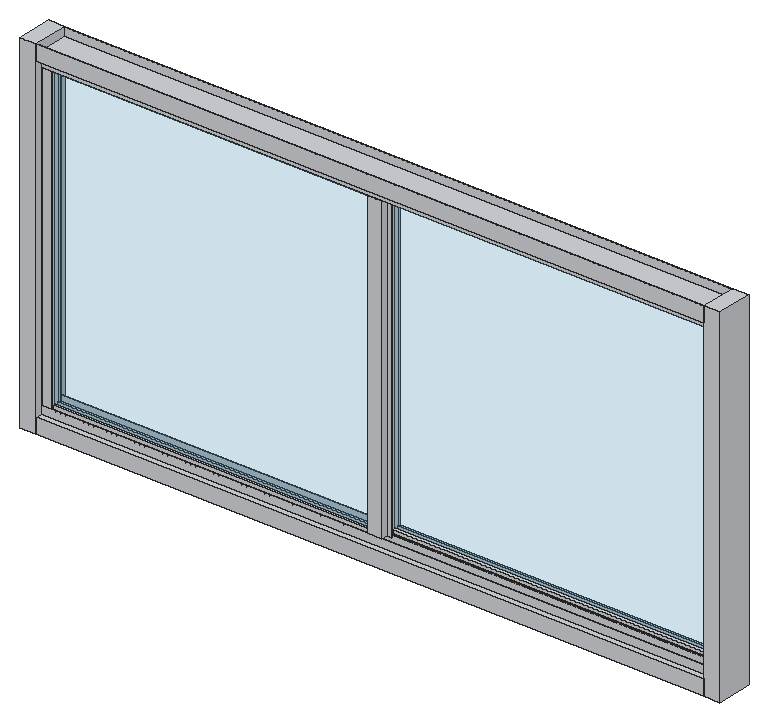
Revit family "MT-VMS_DB-SG_XX", category Windows, host Wall, Revit 2017 (continued)
Definition of nested family "VMS_DB-SG_OX_76mm"
  Definition of nested family "VMS_DB-SG_GLAZED PANEL"
    Definition of nested family "VMS_V3_SGL_FINE"
      Lines and regions (mm)
        model lines, in view "Ref. Level"
          curve 13: arc (13.914, -2.069, 0) -> (14.079, -1.801, 0) -> (14.392, -1.827, 0) r 0.3
          curve 14: arc (14.392, -1.827, 0) -> (20.069, -3.194, 0) -> (25.644, -1.459, 0) r 10.984
          curve 15: arc (25.644, -1.459, 0) -> (26.154, -1.441, 0) -> (26.414, -1.879, 0) r 0.5
          curve 16: arc (26.414, -5.1, 0) -> (26.326, -5.312, 0) -> (26.114, -5.4, 0) r 0.3
          curve 17: arc (22.119, -6.078, 0) -> (21.971, -6.187, 0) -> (21.914, -6.362, 0) r 0.3
          curve 18: arc (21.914, -7, 0) -> (21.997, -7.162, 0) -> (22.177, -7.19, 0) r 0.2
          curve 19: arc (23.414, -7, 0) -> (23.497, -7.162, 0) -> (23.677, -7.19, 0) r 0.2
          curve 20: arc (24.914, -7, 0) -> (24.997, -7.162, 0) -> (25.177, -7.19, 0) r 0.2
          curve 21: arc (26.414, -7, 0) -> (26.497, -7.162, 0) -> (26.677, -7.19, 0) r 0.2
          curve 22: arc (27.641, -6.869, 0) -> (27.839, -6.723, 0) -> (27.914, -6.489, 0) r 0.4
          curve 23: arc (27.914, -0.8, 0) -> (27.68, -0.234, 0) -> (27.114, 0, 0) r 0.8
          curve 24: arc (25.737, 0, 0) -> (25.642, -0.015, 0) -> (25.558, -0.06, 0) r 0.3
          curve 25: arc (25.558, -0.06, 0) -> (19.709, -2, 0) -> (13.86, -0.06, 0) r 9.784
          curve 26: arc (13.86, -0.06, 0) -> (13.776, -0.015, 0) -> (13.681, 0, 0) r 0.3
          curve 27: arc (0.5, 0, 0) -> (0.146, -0.146, 0) -> (0, -0.5, 0) r 0.5
          curve 28: arc (0, -3, 0) -> (0.088, -3.212, 0) -> (0.3, -3.3, 0) r 0.3
          curve 29: arc (0.9, -3.3, 0) -> (1.112, -3.212, 0) -> (1.2, -3, 0) r 0.3
          curve 30: arc (1.2, -1.5, 0) -> (1.288, -1.288, 0) -> (1.5, -1.2, 0) r 0.3
          curve 31: arc (4.7, -1.2, 0) -> (4.912, -1.288, 0) -> (5, -1.5, 0) r 0.3
          curve 32: arc (5, -10.176, 0) -> (4.912, -10.388, 0) -> (4.7, -10.476, 0) r 0.3
          curve 33: arc (3.6, -10.476, 0) -> (3.388, -10.388, 0) -> (3.3, -10.176, 0) r 0.3
          curve 34: arc (3.3, -9.692, 0) -> (3.212, -9.48, 0) -> (3, -9.392, 0) r 0.3
          curve 35: arc (1.5, -9.392, 0) -> (1.288, -9.304, 0) -> (1.2, -9.092, 0) r 0.3
          curve 36: arc (1.2, -7.692, 0) -> (1.112, -7.48, 0) -> (0.9, -7.392, 0) r 0.3
          curve 37: arc (0.3, -7.392, 0) -> (0.088, -7.48, 0) -> (0, -7.692, 0) r 0.3
          curve 38: arc (0, -11.552, 0) -> (0.4, -11.952, 0) -> (0.8, -11.552, 0) r 0.4
          curve 39: arc (2.1, -11.652, 0) -> (2.188, -11.864, 0) -> (2.4, -11.952, 0) r 0.3
          curve 40: arc (2.4, -14.952, 0) -> (2.188, -15.04, 0) -> (2.1, -15.252, 0) r 0.3
          curve 41: arc (0.8, -15.352, 0) -> (0.4, -14.952, 0) -> (0, -15.352, 0) r 0.4
          curve 42: arc (0, -19.208, 0) -> (0.088, -19.42, 0) -> (0.3, -19.508, 0) r 0.3
          curve 43: arc (0.9, -19.508, 0) -> (1.112, -19.42, 0) -> (1.2, -19.208, 0) r 0.3
          curve 44: arc (1.2, -17.808, 0) -> (1.288, -17.596, 0) -> (1.5, -17.508, 0) r 0.3
          curve 45: arc (3, -17.508, 0) -> (3.212, -17.42, 0) -> (3.3, -17.208, 0) r 0.3
          curve 46: arc (3.3, -16.724, 0) -> (3.388, -16.512, 0) -> (3.6, -16.424, 0) r 0.3
          curve 47: arc (4.7, -16.424, 0) -> (4.912, -16.512, 0) -> (5, -16.724, 0) r 0.3
          curve 48: arc (5, -23.3, 0) -> (4.912, -23.512, 0) -> (4.7, -23.6, 0) r 0.3
          curve 49: arc (0.3, -23.6, 0) -> (0.088, -23.688, 0) -> (0, -23.9, 0) r 0.3
          curve 50: arc (0, -26.4, 0) -> (0.146, -26.754, 0) -> (0.5, -26.9, 0) r 0.5
          curve 51: arc (2.102, -26.9, 0) -> (2.385, -26.783, 0) -> (2.502, -26.5, 0) r 0.4
          curve 52: arc (2.502, -26.5, 0) -> (2.385, -26.217, 0) -> (2.102, -26.1, 0) r 0.4
          curve 53: arc (5.902, -26.1, 0) -> (5.619, -26.217, 0) -> (5.502, -26.5, 0) r 0.4
          curve 54: arc (5.502, -26.5, 0) -> (5.619, -26.783, 0) -> (5.902, -26.9, 0) r 0.4
          curve 55: arc (21, -26.9, 0) -> (21.4, -26.52, 0) -> (21.039, -26.102, 0) r 0.4
          curve 56: arc (14.365, -25.441, 0) -> (14.043, -25.279, 0) -> (13.914, -24.944, 0) r 0.5
          curve 57: arc (13.914, -24.65, 0) -> (14.207, -23.943, 0) -> (14.914, -23.65, 0) r 1
          curve 58: arc (8.4, -25.7, 0) -> (8.259, -25.641, 0) -> (8.2, -25.5, 0) r 0.2
          curve 59: arc (8.2, -23.8, 0) -> (8.141, -23.659, 0) -> (8, -23.6, 0) r 0.2
          curve 60: arc (6.5, -23.6, 0) -> (6.288, -23.512, 0) -> (6.2, -23.3, 0) r 0.3
          curve 61: arc (6.2, -16.639, 0) -> (6.261, -16.458, 0) -> (6.419, -16.35, 0) r 0.3
          curve 62: arc (6.419, -16.35, 0) -> (6.899, -16.169, 0) -> (7.342, -15.909, 0) r 3.014
          curve 63: arc (7.342, -15.909, 0) -> (7.404, -15.838, 0) -> (7.426, -15.746, 0) r 0.2
          curve 64: arc (7.426, -14.908, 0) -> (7.145, -14.479, 0) -> (6.64, -14.566, 0) r 0.468
          curve 65: arc (6.64, -14.566, 0) -> (6.369, -14.767, 0) -> (6.06, -14.904, 0) r 1.525
          curve 66: arc (5.14, -14.904, 0) -> (4.813, -14.756, 0) -> (4.529, -14.535, 0) r 1.525
          curve 67: arc (4.124, -13.835, 0) -> (4.075, -13.45, 0) -> (4.124, -13.065, 0) r 1.525
          curve 68: arc (4.529, -12.365, 0) -> (4.813, -12.144, 0) -> (5.14, -11.996, 0) r 1.525
          curve 69: arc (6.06, -11.996, 0) -> (6.369, -12.133, 0) -> (6.64, -12.334, 0) r 1.525
          curve 70: arc (6.64, -12.334, 0) -> (7.145, -12.421, 0) -> (7.426, -11.992, 0) r 0.468
          curve 71: arc (7.426, -11.154, 0) -> (7.404, -11.062, 0) -> (7.342, -10.991, 0) r 0.2
          curve 72: arc (7.342, -10.991, 0) -> (6.899, -10.731, 0) -> (6.419, -10.55, 0) r 3.014
          curve 73: arc (6.419, -10.55, 0) -> (6.261, -10.442, 0) -> (6.2, -10.261, 0) r 0.3
          curve 74: arc (6.2, -1.5, 0) -> (6.288, -1.288, 0) -> (6.5, -1.2, 0) r 0.3
          curve 75: arc (12.312, -1.2, 0) -> (12.453, -1.259, 0) -> (12.512, -1.4, 0) r 0.2
          curve 76: arc (12.512, -25.5, 0) -> (12.453, -25.641, 0) -> (12.312, -25.7, 0) r 0.2
          curve 77: line (14.914, -23.65, 0) -> (23.214, -23.65, 0)
          curve 78: line (23.214, -23.65, 0) -> (25.029, -24.136, 0)
          curve 79: line (25.029, -24.136, 0) -> (27.114, -24.15, 0)
          curve 80: line (27.914, -23.35, 0) -> (27.914, -20.411, 0)
          curve 81: line (27.641, -20.031, 0) -> (26.677, -19.71, 0)
          curve 82: line (26.414, -19.9, 0) -> (26.414, -20.123, 0)
          curve 83: line (26.414, -20.123, 0) -> (25.177, -19.71, 0)
          curve 84: line (24.914, -19.9, 0) -> (24.914, -20.123, 0)
          curve 85: line (24.914, -20.123, 0) -> (23.677, -19.71, 0)
          curve 86: line (23.414, -19.9, 0) -> (23.414, -20.123, 0)
          curve 87: line (23.414, -20.123, 0) -> (22.177, -19.71, 0)
          curve 88: line (21.914, -19.9, 0) -> (21.914, -20.538, 0)
          curve 89: line (22.119, -20.822, 0) -> (23.009, -21.119, 0)
          curve 90: line (23.214, -21.404, 0) -> (23.214, -22.15, 0)
          curve 91: line (22.914, -22.45, 0) -> (14.214, -22.45, 0)
          curve 92: line (13.914, -22.15, 0) -> (13.914, -14.116, 0)
          curve 93: line (13.797, -13.833, 0) -> (13.414, -13.45, 0)
          curve 94: line (13.414, -13.45, 0) -> (13.797, -13.067, 0)
          curve 95: line (13.914, -12.784, 0) -> (13.914, -2.069, 0)
          curve 96: line (26.414, -1.879, 0) -> (26.414, -5.1, 0)
          curve 97: line (26.114, -5.4, 0) -> (24.2, -5.4, 0)
          curve 98: line (24.2, -5.4, 0) -> (22.119, -6.078, 0)
          curve 99: line (21.914, -6.362, 0) -> (21.914, -7, 0)
          curve 100: line (22.177, -7.19, 0) -> (23.414, -6.777, 0)
          curve 101: line (23.414, -6.777, 0) -> (23.414, -7, 0)
          curve 102: line (23.677, -7.19, 0) -> (24.914, -6.777, 0)
          curve 103: line (24.914, -6.777, 0) -> (24.914, -7, 0)
          curve 104: line (25.177, -7.19, 0) -> (26.414, -6.777, 0)
          curve 105: line (26.414, -6.777, 0) -> (26.414, -7, 0)
          curve 106: line (26.677, -7.19, 0) -> (27.641, -6.869, 0)
          curve 107: line (27.914, -6.489, 0) -> (27.914, -0.8, 0)
          curve 108: line (27.114, 0, 0) -> (25.737, 0, 0)
          curve 109: line (13.681, 0, 0) -> (0.5, 0, 0)
          curve 110: line (0, -0.5, 0) -> (0, -3, 0)
          curve 111: line (0.3, -3.3, 0) -> (0.9, -3.3, 0)
          curve 112: line (1.2, -3, 0) -> (1.2, -1.5, 0)
          curve 113: line (1.5, -1.2, 0) -> (4.7, -1.2, 0)
          curve 114: line (5, -1.5, 0) -> (5, -10.176, 0)
          curve 115: line (4.7, -10.476, 0) -> (3.6, -10.476, 0)
          curve 116: line (3.3, -10.176, 0) -> (3.3, -9.692, 0)
          curve 117: line (3, -9.392, 0) -> (1.5, -9.392, 0)
          curve 118: line (1.2, -9.092, 0) -> (1.2, -7.692, 0)
          curve 119: line (0.9, -7.392, 0) -> (0.3, -7.392, 0)
          curve 120: line (0, -7.692, 0) -> (0, -11.552, 0)
          curve 121: line (0.8, -11.552, 0) -> (0.8, -10.452, 0)
          curve 122: line (0.8, -10.452, 0) -> (2.1, -10.452, 0)
          curve 123: line (2.1, -10.452, 0) -> (2.1, -11.652, 0)
          curve 124: line (2.4, -11.952, 0) -> (2.776, -11.952, 0)
          curve 125: line (2.776, -11.952, 0) -> (2.776, -14.952, 0)
          curve 126: line (2.776, -14.952, 0) -> (2.4, -14.952, 0)
          curve 127: line (2.1, -15.252, 0) -> (2.1, -16.452, 0)
          curve 128: line (2.1, -16.452, 0) -> (0.8, -16.452, 0)
          curve 129: line (0.8, -16.452, 0) -> (0.8, -15.352, 0)
          curve 130: line (0, -15.352, 0) -> (0, -19.208, 0)
          curve 131: line (0.3, -19.508, 0) -> (0.9, -19.508, 0)
          curve 132: line (1.2, -19.208, 0) -> (1.2, -17.808, 0)
          curve 133: line (1.5, -17.508, 0) -> (3, -17.508, 0)
          curve 134: line (3.3, -17.208, 0) -> (3.3, -16.724, 0)
          curve 135: line (3.6, -16.424, 0) -> (4.7, -16.424, 0)
          curve 136: line (5, -16.724, 0) -> (5, -23.3, 0)
          curve 137: line (4.7, -23.6, 0) -> (0.3, -23.6, 0)
          curve 138: line (0, -23.9, 0) -> (0, -26.4, 0)
          curve 139: line (0.5, -26.9, 0) -> (2.102, -26.9, 0)
          curve 140: line (2.102, -26.1, 0) -> (1.002, -26.1, 0)
          curve 141: line (1.002, -26.1, 0) -> (1.002, -24.8, 0)
          curve 142: line (1.002, -24.8, 0) -> (7.002, -24.8, 0)
          curve 143: line (7.002, -24.8, 0) -> (7.002, -26.1, 0)
          curve 144: line (7.002, -26.1, 0) -> (5.902, -26.1, 0)
          curve 145: line (5.902, -26.9, 0) -> (21, -26.9, 0)
          curve 146: line (21.039, -26.102, 0) -> (14.365, -25.441, 0)
          curve 147: line (13.914, -24.944, 0) -> (13.914, -24.65, 0)
          curve 148: line (8.2, -25.5, 0) -> (8.2, -23.8, 0)
          curve 149: line (8, -23.6, 0) -> (6.5, -23.6, 0)
          curve 150: line (6.2, -23.3, 0) -> (6.2, -16.639, 0)
          curve 151: line (7.426, -15.746, 0) -> (7.426, -14.908, 0)
          curve 152: line (6.06, -14.904, 0) -> (5.6, -15.324, 0)
          curve 153: line (5.6, -15.324, 0) -> (5.14, -14.904, 0)
          curve 154: line (4.529, -14.535, 0) -> (3.976, -14.387, 0)
          curve 155: line (3.976, -14.387, 0) -> (4.124, -13.835, 0)
          curve 156: line (4.124, -13.065, 0) -> (3.976, -12.513, 0)
          curve 157: line (3.976, -12.513, 0) -> (4.529, -12.365, 0)
          curve 158: line (5.14, -11.996, 0) -> (5.6, -11.576, 0)
          curve 159: line (5.6, -11.576, 0) -> (6.06, -11.996, 0)
          curve 160: line (7.426, -11.992, 0) -> (7.426, -11.154, 0)
          curve 161: line (6.2, -10.261, 0) -> (6.2, -1.5, 0)
          curve 162: line (6.5, -1.2, 0) -> (12.312, -1.2, 0)
          curve 163: line (12.512, -1.4, 0) -> (12.512, -25.5, 0)
          curve 164: line (12.312, -25.7, 0) -> (8.4, -25.7, 0)
    Definition of nested family "VMS_V3_SGL_MEDIUM"
      Reference planes
        plane 1 "Center (Front/Back)": y = 0
        plane 2: z = 0
        plane 3 "Center (Left/Right)": x = 0
      Lines and regions (mm)
        model lines, in view "Ref. Level"
          curve 1: line (13.914, -23.65, 0) -> (27.914, -23.65, 0)
          curve 2: line (27.914, -23.65, 0) -> (27.914, -22.45, 0)
          curve 3: line (27.914, -22.45, 0) -> (13.914, -22.45, 0)
          curve 4: line (13.914, -22.45, 0) -> (13.914, -1.2, 0)
          curve 5: line (26.414, -1.2, 0) -> (26.414, -5.1, 0)
          curve 6: line (27.914, -6.489, 0) -> (27.914, 0, 0)
          curve 7: line (27.914, 0, 0) -> (0, 0, 0)
          curve 8: line (1.002, -1.2, 0) -> (4.73, -1.2, 0)
          curve 9: line (0, 0, 0) -> (0, -26.9, 0)
          curve 10: line (1.002, -25.7, 0) -> (1.002, -1.2, 0)
          curve 11: line (0, -26.9, 0) -> (21.039, -26.9, 0)
          curve 12: line (21.039, -26.102, 0) -> (13.914, -25.397, 0)
          curve 13: line (13.914, -25.397, 0) -> (13.914, -23.65, 0)
          curve 14: line (13.914, -1.2, 0) -> (26.414, -1.2, 0)
          curve 15: line (12.512, -1.2, 0) -> (12.512, -25.7, 0)
          curve 16: line (12.512, -25.7, 0) -> (6.132, -25.7, 0)
          curve 23: line (6.132, -1.2, 0) -> (12.512, -1.2, 0)
          curve 24: line (4.73, -25.7, 0) -> (1.002, -25.7, 0)
        detail lines, in view "Ref. Level"
          curve 17: line (21.039, -26.102, 0) -> (21.039, -26.9, 0)
          curve 18: line (27.914, -6.489, 0) -> (21.583, -6.489, 0)
          curve 19: line (26.414, -5.1, 0) -> (21.583, -5.1, 0)
          curve 20: line (21.583, -6.489, 0) -> (21.583, -5.1, 0)
          curve 21: line (6.132, -25.7, 0) -> (6.132, -1.2, 0)
          curve 22: line (4.73, -1.2, 0) -> (4.73, -25.7, 0)
    Definition of nested family "VMS_VM64_SILL DETAIL_FINE"
      Reference planes
        plane 1 "Center (Front/Back)": y = 0
        plane 2: z = 0
        plane 3 "Center (Left/Right)": x = 0
      Lines and regions (mm)
        model lines, in view "Ref. Level"
          curve 1: arc (4.124, -13.835, 0) -> (4.075, -13.45, 0) -> (4.124, -13.065, 0) r 1.525
          curve 2: arc (4.529, -12.365, 0) -> (4.813, -12.144, 0) -> (5.14, -11.996, 0) r 1.525
          curve 3: arc (6.06, -11.996, 0) -> (6.369, -12.133, 0) -> (6.64, -12.334, 0) r 1.525
          curve 4: arc (6.64, -12.334, 0) -> (7.145, -12.421, 0) -> (7.426, -11.992, 0) r 0.468
          curve 5: arc (7.426, -11.154, 0) -> (7.404, -11.062, 0) -> (7.342, -10.991, 0) r 0.2
          curve 6: arc (7.342, -10.991, 0) -> (6.899, -10.731, 0) -> (6.419, -10.55, 0) r 3.014
          curve 7: arc (6.419, -10.55, 0) -> (6.261, -10.442, 0) -> (6.2, -10.261, 0) r 0.3
          curve 8: arc (6.2, -1.5, 0) -> (6.288, -1.288, 0) -> (6.5, -1.2, 0) r 0.3
          curve 9: arc (12.312, -1.2, 0) -> (12.453, -1.259, 0) -> (12.512, -1.4, 0) r 0.2
          curve 10: arc (12.512, -25.5, 0) -> (12.453, -25.641, 0) -> (12.312, -25.7, 0) r 0.2
          curve 11: arc (8.4, -25.7, 0) -> (8.259, -25.641, 0) -> (8.2, -25.5, 0) r 0.2
          curve 12: arc (8.2, -23.8, 0) -> (8.141, -23.659, 0) -> (8, -23.6, 0) r 0.2
          curve 13: arc (6.5, -23.6, 0) -> (6.288, -23.512, 0) -> (6.2, -23.3, 0) r 0.3
          curve 14: arc (6.2, -16.639, 0) -> (6.261, -16.458, 0) -> (6.419, -16.35, 0) r 0.3
          curve 15: arc (6.419, -16.35, 0) -> (6.899, -16.169, 0) -> (7.342, -15.909, 0) r 3.014
          curve 16: arc (7.342, -15.909, 0) -> (7.404, -15.838, 0) -> (7.426, -15.746, 0) r 0.2
          curve 17: arc (7.426, -14.908, 0) -> (7.145, -14.479, 0) -> (6.64, -14.566, 0) r 0.468
          curve 18: arc (6.64, -14.566, 0) -> (6.369, -14.767, 0) -> (6.06, -14.904, 0) r 1.525
          curve 19: arc (5.14, -14.904, 0) -> (4.813, -14.756, 0) -> (4.529, -14.535, 0) r 1.525
          curve 20: arc (2.1, -11.652, 0) -> (2.188, -11.864, 0) -> (2.4, -11.952, 0) r 0.3
          curve 21: arc (2.4, -14.952, 0) -> (2.188, -15.04, 0) -> (2.1, -15.252, 0) r 0.3
          curve 22: arc (0.8, -15.352, 0) -> (0.4, -14.952, 0) -> (0, -15.352, 0) r 0.4
          curve 23: arc (0, -19.208, 0) -> (0.088, -19.42, 0) -> (0.3, -19.508, 0) r 0.3
          curve 24: arc (0.9, -19.508, 0) -> (1.112, -19.42, 0) -> (1.2, -19.208, 0) r 0.3
          curve 25: arc (1.2, -17.808, 0) -> (1.288, -17.596, 0) -> (1.5, -17.508, 0) r 0.3
          curve 26: arc (3, -17.508, 0) -> (3.212, -17.42, 0) -> (3.3, -17.208, 0) r 0.3
          curve 27: arc (3.3, -16.724, 0) -> (3.388, -16.512, 0) -> (3.6, -16.424, 0) r 0.3
          curve 28: arc (4.7, -16.424, 0) -> (4.912, -16.512, 0) -> (5, -16.724, 0) r 0.3
          curve 29: arc (5, -23.3, 0) -> (4.912, -23.512, 0) -> (4.7, -23.6, 0) r 0.3
          curve 30: arc (0.3, -23.6, 0) -> (0.088, -23.688, 0) -> (0, -23.9, 0) r 0.3
          curve 31: arc (0, -26.4, 0) -> (0.146, -26.753, 0) -> (0.5, -26.9, 0) r 0.5
          curve 32: arc (2.102, -26.9, 0) -> (2.502, -26.5, 0) -> (2.102, -26.1, 0) r 0.4
          curve 33: arc (5.902, -26.1, 0) -> (5.502, -26.5, 0) -> (5.902, -26.9, 0) r 0.4
          curve 34: arc (19.253, -26.9, 0) -> (19.6, -26.57, 0) -> (19.287, -26.207, 0) r 0.347
          curve 35: arc (16.352, -25.917, 0) -> (16.099, -25.719, 0) -> (16.17, -25.406, 0) r 0.3
          curve 36: arc (16.838, -24.738, 0) -> (16.935, -24.673, 0) -> (17.05, -24.65, 0) r 0.3
          curve 37: arc (27.288, -24.95, 0) -> (27.906, -24.424, 0) -> (27.486, -23.73, 0) r 0.626
          curve 38: arc (26.677, -23.46, 0) -> (26.497, -23.488, 0) -> (26.414, -23.65, 0) r 0.2
          curve 39: arc (25.177, -23.46, 0) -> (24.997, -23.488, 0) -> (24.914, -23.65, 0) r 0.2
          curve 40: arc (23.677, -23.46, 0) -> (23.497, -23.488, 0) -> (23.414, -23.65, 0) r 0.2
          curve 41: arc (16.553, -23.45, 0) -> (16.438, -23.473, 0) -> (16.341, -23.538, 0) r 0.3
          curve 42: arc (14.426, -25.452, 0) -> (14.099, -25.517, 0) -> (13.914, -25.24, 0) r 0.3
          curve 43: arc (13.914, -14.116, 0) -> (13.884, -13.963, 0) -> (13.797, -13.833, 0) r 0.4
          curve 44: arc (13.797, -13.067, 0) -> (13.884, -12.937, 0) -> (13.914, -12.784, 0) r 0.4
          curve 45: arc (13.914, -2.069, 0) -> (14.079, -1.801, 0) -> (14.392, -1.827, 0) r 0.3
          curve 46: arc (14.392, -1.827, 0) -> (18.05, -3.074, 0) -> (21.914, -2.976, 0) r 10.984
          curve 47: arc (21.914, -3.233, 0) -> (22.026, -3.412, 0) -> (22.236, -3.391, 0) r 0.2
          curve 48: arc (23.092, -2.731, 0) -> (23.302, -2.71, 0) -> (23.414, -2.889, 0) r 0.2
          curve 49: arc (23.414, -3.233, 0) -> (23.526, -3.412, 0) -> (23.736, -3.391, 0) r 0.2
          curve 50: arc (24.592, -2.731, 0) -> (24.802, -2.71, 0) -> (24.914, -2.889, 0) r 0.2
          curve 51: arc (24.914, -3.233, 0) -> (25.026, -3.412, 0) -> (25.236, -3.391, 0) r 0.2
          curve 52: arc (26.092, -2.731, 0) -> (26.302, -2.71, 0) -> (26.414, -2.889, 0) r 0.2
          curve 53: arc (26.414, -3.233, 0) -> (26.496, -3.394, 0) -> (26.674, -3.423, 0) r 0.2
          curve 54: arc (27.634, -3.121, 0) -> (27.837, -2.976, 0) -> (27.914, -2.739, 0) r 0.4
          curve 55: arc (27.914, -0.8, 0) -> (27.68, -0.234, 0) -> (27.114, 0, 0) r 0.8
          curve 56: arc (25.737, 0, 0) -> (25.642, -0.015, 0) -> (25.558, -0.06, 0) r 0.3
          curve 57: arc (25.558, -0.06, 0) -> (19.709, -2, 0) -> (13.86, -0.06, 0) r 9.784
          curve 58: arc (13.86, -0.06, 0) -> (13.776, -0.015, 0) -> (13.681, 0, 0) r 0.3
          curve 59: arc (0.5, 0, 0) -> (0.146, -0.146, 0) -> (0, -0.5, 0) r 0.5
          curve 60: arc (0, -3, 0) -> (0.088, -3.212, 0) -> (0.3, -3.3, 0) r 0.3
          curve 61: arc (0.9, -3.3, 0) -> (1.112, -3.212, 0) -> (1.2, -3, 0) r 0.3
          curve 62: arc (1.2, -1.5, 0) -> (1.288, -1.288, 0) -> (1.5, -1.2, 0) r 0.3
          curve 63: arc (4.7, -1.2, 0) -> (4.912, -1.288, 0) -> (5, -1.5, 0) r 0.3
          curve 64: arc (5, -10.176, 0) -> (4.912, -10.388, 0) -> (4.7, -10.476, 0) r 0.3
          curve 65: arc (3.6, -10.476, 0) -> (3.388, -10.388, 0) -> (3.3, -10.176, 0) r 0.3
          curve 66: arc (3.3, -9.692, 0) -> (3.212, -9.48, 0) -> (3, -9.392, 0) r 0.3
          curve 67: arc (1.5, -9.392, 0) -> (1.288, -9.304, 0) -> (1.2, -9.092, 0) r 0.3
          curve 68: arc (1.2, -7.692, 0) -> (1.112, -7.48, 0) -> (0.9, -7.392, 0) r 0.3
          curve 69: arc (0.3, -7.392, 0) -> (0.088, -7.48, 0) -> (0, -7.692, 0) r 0.3
          curve 70: arc (0, -11.552, 0) -> (0.4, -11.952, 0) -> (0.8, -11.552, 0) r 0.4
          curve 71: line (4.529, -14.535, 0) -> (3.976, -14.387, 0)
          curve 72: line (3.976, -14.387, 0) -> (4.124, -13.835, 0)
          curve 73: line (4.124, -13.065, 0) -> (3.976, -12.513, 0)
          curve 74: line (3.976, -12.513, 0) -> (4.529, -12.365, 0)
          curve 75: line (5.14, -11.996, 0) -> (5.6, -11.576, 0)
          curve 76: line (5.6, -11.576, 0) -> (6.06, -11.996, 0)
          curve 77: line (7.426, -11.992, 0) -> (7.426, -11.154, 0)
          curve 78: line (6.2, -10.261, 0) -> (6.2, -1.5, 0)
          curve 79: line (6.5, -1.2, 0) -> (12.312, -1.2, 0)
          curve 80: line (12.512, -1.4, 0) -> (12.512, -25.5, 0)
          curve 81: line (12.312, -25.7, 0) -> (8.4, -25.7, 0)
          curve 82: line (8.2, -25.5, 0) -> (8.2, -23.8, 0)
          curve 83: line (8, -23.6, 0) -> (6.5, -23.6, 0)
          curve 84: line (6.2, -23.3, 0) -> (6.2, -16.639, 0)
          curve 85: line (7.426, -15.746, 0) -> (7.426, -14.908, 0)
          curve 86: line (6.06, -14.904, 0) -> (5.6, -15.324, 0)
          curve 87: line (5.6, -15.324, 0) -> (5.14, -14.904, 0)
          curve 88: line (2.4, -11.952, 0) -> (2.776, -11.952, 0)
          curve 89: line (2.776, -11.952, 0) -> (2.776, -14.952, 0)
          curve 90: line (2.776, -14.952, 0) -> (2.4, -14.952, 0)
          curve 91: line (2.1, -15.252, 0) -> (2.1, -16.452, 0)
          curve 92: line (2.1, -16.452, 0) -> (0.8, -16.452, 0)
          curve 93: line (0.8, -16.452, 0) -> (0.8, -15.352, 0)
          curve 94: line (0, -15.352, 0) -> (0, -19.208, 0)
          curve 95: line (0.3, -19.508, 0) -> (0.9, -19.508, 0)
          curve 96: line (1.2, -19.208, 0) -> (1.2, -17.808, 0)
          curve 97: line (1.5, -17.508, 0) -> (3, -17.508, 0)
          curve 98: line (3.3, -17.208, 0) -> (3.3, -16.724, 0)
          curve 99: line (3.6, -16.424, 0) -> (4.7, -16.424, 0)
          curve 100: line (5, -16.724, 0) -> (5, -23.3, 0)
          curve 101: line (4.7, -23.6, 0) -> (0.3, -23.6, 0)
          curve 102: line (0, -23.9, 0) -> (0, -26.4, 0)
          curve 103: line (0.5, -26.9, 0) -> (2.102, -26.9, 0)
          curve 104: line (2.102, -26.1, 0) -> (1.202, -26.1, 0)
          curve 105: line (1.202, -26.1, 0) -> (1.202, -24.8, 0)
          curve 106: line (1.202, -24.8, 0) -> (6.802, -24.8, 0)
          curve 107: line (6.802, -24.8, 0) -> (6.802, -26.1, 0)
          curve 108: line (6.802, -26.1, 0) -> (5.902, -26.1, 0)
          curve 109: line (5.902, -26.9, 0) -> (19.253, -26.9, 0)
          curve 110: line (19.287, -26.207, 0) -> (16.352, -25.917, 0)
          curve 111: line (16.17, -25.406, 0) -> (16.838, -24.738, 0)
          curve 112: line (17.05, -24.65, 0) -> (22.146, -24.65, 0)
          curve 113: line (22.146, -24.65, 0) -> (23.924, -24.95, 0)
          curve 114: line (23.924, -24.95, 0) -> (27.288, -24.95, 0)
          curve 115: line (27.486, -23.73, 0) -> (26.677, -23.46, 0)
          curve 116: line (26.414, -23.65, 0) -> (26.414, -23.872, 0)
          curve 117: line (26.414, -23.872, 0) -> (25.177, -23.46, 0)
          curve 118: line (24.914, -23.65, 0) -> (24.914, -23.872, 0)
          curve 119: line (24.914, -23.872, 0) -> (23.677, -23.46, 0)
          curve 120: line (23.414, -23.761, 0) -> (22.146, -23.45, 0)
          curve 121: line (22.146, -23.45, 0) -> (16.553, -23.45, 0)
          curve 122: line (16.341, -23.538, 0) -> (14.426, -25.452, 0)
          curve 123: line (13.914, -25.24, 0) -> (13.914, -14.116, 0)
          curve 124: line (13.797, -13.833, 0) -> (13.414, -13.45, 0)
          curve 125: line (13.414, -13.45, 0) -> (13.797, -13.067, 0)
          curve 126: line (13.914, -12.784, 0) -> (13.914, -2.069, 0)
          curve 127: line (21.914, -2.976, 0) -> (21.914, -3.233, 0)
          curve 128: line (22.236, -3.391, 0) -> (23.092, -2.731, 0)
          curve 129: line (23.414, -2.889, 0) -> (23.414, -3.233, 0)
          curve 130: line (23.736, -3.391, 0) -> (24.592, -2.731, 0)
          curve 131: line (24.914, -2.889, 0) -> (24.914, -3.233, 0)
          curve 132: line (25.236, -3.391, 0) -> (26.092, -2.731, 0)
          curve 133: line (26.414, -2.889, 0) -> (26.414, -3.233, 0)
          curve 134: line (26.674, -3.423, 0) -> (27.634, -3.121, 0)
          curve 135: line (27.914, -2.739, 0) -> (27.914, -0.8, 0)
          curve 136: line (27.114, 0, 0) -> (25.737, 0, 0)
          curve 137: line (13.681, 0, 0) -> (0.5, 0, 0)
          curve 138: line (0, -0.5, 0) -> (0, -3, 0)
          curve 139: line (0.3, -3.3, 0) -> (0.9, -3.3, 0)
          curve 140: line (1.2, -3, 0) -> (1.2, -1.5, 0)
          curve 141: line (1.5, -1.2, 0) -> (4.7, -1.2, 0)
          curve 142: line (5, -1.5, 0) -> (5, -10.176, 0)
          curve 143: line (4.7, -10.476, 0) -> (3.6, -10.476, 0)
          curve 144: line (3.3, -10.176, 0) -> (3.3, -9.692, 0)
          curve 145: line (3, -9.392, 0) -> (1.5, -9.392, 0)
          curve 146: line (1.2, -9.092, 0) -> (1.2, -7.692, 0)
          curve 147: line (0.9, -7.392, 0) -> (0.3, -7.392, 0)
          curve 148: line (0, -7.692, 0) -> (0, -11.552, 0)
          curve 149: line (0.8, -11.552, 0) -> (0.8, -10.452, 0)
          curve 150: line (0.8, -10.452, 0) -> (2.1, -10.452, 0)
          curve 151: line (2.1, -10.452, 0) -> (2.1, -11.652, 0)
    Definition of nested family "VMS_VM64_SILL DETAIL_MEDIUM"
      Reference planes
        plane 1 "Center (Front/Back)": y = 0
        plane 2: z = 0
        plane 3 "Center (Left/Right)": x = 0
      Lines and regions (mm)
        model lines, in view "Ref. Level"
          curve 1: line (1.202, -1.2, 0) -> (5, -1.2, 0)
          curve 2: line (12.512, -1.2, 0) -> (12.512, -25.7, 0)
          curve 3: line (12.512, -25.7, 0) -> (6.2, -25.7, 0)
          curve 4: line (6.2, -25.7, 0) -> (6.2, -1.2, 0)
          curve 5: line (5, -1.2, 0) -> (5, -25.7, 0)
          curve 6: line (0, 0, 0) -> (0, -26.9, 0)
          curve 7: line (1.202, -25.7, 0) -> (1.202, -1.2, 0)
          curve 8: line (0, -26.9, 0) -> (19.287, -26.9, 0)
          curve 9: line (19.287, -26.207, 0) -> (15.721, -25.854, 0)
          curve 10: line (15.721, -25.854, 0) -> (16.926, -24.65, 0)
          curve 11: line (16.926, -24.65, 0) -> (27.914, -24.65, 0)
          curve 12: line (27.914, -23.45, 0) -> (16.429, -23.45, 0)
          curve 13: line (16.429, -23.45, 0) -> (13.914, -25.965, 0)
          curve 14: line (13.914, -25.965, 0) -> (13.914, -1.2, 0)
          curve 15: line (27.914, -24.65, 0) -> (27.914, -23.45, 0)
          curve 16: line (27.914, 0, 0) -> (0, 0, 0)
          curve 18: line (6.2, -1.2, 0) -> (12.512, -1.2, 0)
          curve 19: line (5, -25.7, 0) -> (1.202, -25.7, 0)
          curve 20: line (27.914, -1.2, 0) -> (27.914, 0, 0)
          curve 21: line (13.914, -1.2, 0) -> (27.914, -1.2, 0)
        detail lines, in view "Ref. Level"
          curve 17: line (19.287, -26.207, 0) -> (19.287, -26.9, 0)
    Definition of nested family "VMS_VM5_SILL DETAIL_FINE"
      Reference planes
        plane 1 "Center (Front/Back)": y = 0
        plane 2: z = 0
        plane 3 "Center (Left/Right)": x = 0
      Lines and regions (mm)
        model lines, in view "Ref. Level"
          curve 1: arc (26.9, 5.9, 0) -> (26.783, 5.617, 0) -> (26.5, 5.5, 0) r 0.4
          curve 2: arc (26.5, 5.5, 0) -> (26.217, 5.617, 0) -> (26.1, 5.9, 0) r 0.4
          curve 3: arc (26.1, 2.1, 0) -> (26.217, 2.383, 0) -> (26.5, 2.5, 0) r 0.4
          curve 4: arc (26.5, 2.5, 0) -> (26.783, 2.383, 0) -> (26.9, 2.1, 0) r 0.4
          curve 5: arc (26.9, 0.5, 0) -> (26.754, 0.146, 0) -> (26.4, 0, 0) r 0.5
          curve 6: arc (23.9, 0, 0) -> (23.688, 0.088, 0) -> (23.6, 0.3, 0) r 0.3
          curve 7: arc (23.6, 4.7, 0) -> (23.512, 4.912, 0) -> (23.3, 5, 0) r 0.3
          curve 8: arc (16.724, 5, 0) -> (16.512, 4.912, 0) -> (16.424, 4.7, 0) r 0.3
          curve 9: arc (16.424, 3.6, 0) -> (16.512, 3.388, 0) -> (16.724, 3.3, 0) r 0.3
          curve 10: arc (17.208, 3.3, 0) -> (17.42, 3.212, 0) -> (17.508, 3, 0) r 0.3
          curve 11: arc (17.508, 1.5, 0) -> (17.596, 1.288, 0) -> (17.808, 1.2, 0) r 0.3
          curve 12: arc (19.208, 1.2, 0) -> (19.42, 1.112, 0) -> (19.508, 0.9, 0) r 0.3
          curve 13: arc (19.508, 0.3, 0) -> (19.42, 0.088, 0) -> (19.208, 0, 0) r 0.3
          curve 14: arc (15.348, 0, 0) -> (14.948, 0.4, 0) -> (15.348, 0.8, 0) r 0.4
          curve 15: arc (15.248, 2.1, 0) -> (15.036, 2.188, 0) -> (14.948, 2.4, 0) r 0.3
          curve 16: arc (11.948, 2.4, 0) -> (11.86, 2.188, 0) -> (11.648, 2.1, 0) r 0.3
          curve 17: arc (11.548, 0.8, 0) -> (11.948, 0.4, 0) -> (11.548, 0, 0) r 0.4
          curve 18: arc (7.692, 0, 0) -> (7.48, 0.088, 0) -> (7.392, 0.3, 0) r 0.3
          curve 19: arc (7.392, 0.9, 0) -> (7.48, 1.112, 0) -> (7.692, 1.2, 0) r 0.3
          curve 20: arc (9.092, 1.2, 0) -> (9.304, 1.288, 0) -> (9.392, 1.5, 0) r 0.3
          curve 21: arc (9.392, 3, 0) -> (9.48, 3.212, 0) -> (9.692, 3.3, 0) r 0.3
          curve 22: arc (10.176, 3.3, 0) -> (10.388, 3.388, 0) -> (10.476, 3.6, 0) r 0.3
          curve 23: arc (10.476, 4.7, 0) -> (10.388, 4.912, 0) -> (10.176, 5, 0) r 0.3
          curve 24: arc (3.6, 5, 0) -> (3.388, 4.912, 0) -> (3.3, 4.7, 0) r 0.3
          curve 25: arc (3.3, 0.3, 0) -> (3.212, 0.088, 0) -> (3, 0, 0) r 0.3
          curve 26: arc (0.5, 0, 0) -> (0.146, 0.146, 0) -> (0, 0.5, 0) r 0.5
          curve 27: arc (0, 2.1, 0) -> (0.117, 2.383, 0) -> (0.4, 2.5, 0) r 0.4
          curve 28: arc (0.4, 2.5, 0) -> (0.683, 2.383, 0) -> (0.8, 2.1, 0) r 0.4
          curve 29: arc (0.8, 5.9, 0) -> (0.683, 5.617, 0) -> (0.4, 5.5, 0) r 0.4
          curve 30: arc (0.4, 5.5, 0) -> (0.117, 5.617, 0) -> (0, 5.9, 0) r 0.4
          curve 31: arc (0, 13.679, 0) -> (0.015, 13.774, 0) -> (0.06, 13.858, 0) r 0.3
          curve 32: arc (0.06, 13.858, 0) -> (2, 19.707, 0) -> (0.06, 25.556, 0) r 9.784
          curve 33: arc (0.06, 25.556, 0) -> (0.015, 25.64, 0) -> (0, 25.735, 0) r 0.3
          curve 34: arc (0, 27.112, 0) -> (0.234, 27.678, 0) -> (0.8, 27.912, 0) r 0.8
          curve 35: arc (6.489, 27.912, 0) -> (6.723, 27.837, 0) -> (6.869, 27.639, 0) r 0.4
          curve 36: arc (7.19, 26.675, 0) -> (7.162, 26.495, 0) -> (7, 26.412, 0) r 0.2
          curve 37: arc (7.19, 25.175, 0) -> (7.162, 24.995, 0) -> (7, 24.912, 0) r 0.2
          curve 38: arc (7.19, 23.675, 0) -> (7.162, 23.495, 0) -> (7, 23.412, 0) r 0.2
          curve 39: arc (7.19, 22.175, 0) -> (7.162, 21.995, 0) -> (7, 21.912, 0) r 0.2
          curve 40: arc (6.362, 21.912, 0) -> (6.187, 21.969, 0) -> (6.078, 22.117, 0) r 0.3
          curve 41: arc (5.4, 26.112, 0) -> (5.312, 26.324, 0) -> (5.1, 26.412, 0) r 0.3
          curve 42: arc (1.879, 26.412, 0) -> (1.441, 26.152, 0) -> (1.459, 25.642, 0) r 0.5
          curve 43: arc (1.459, 25.642, 0) -> (3.194, 20.067, 0) -> (1.827, 14.39, 0) r 10.984
          curve 44: arc (1.827, 14.39, 0) -> (1.801, 14.077, 0) -> (2.069, 13.912, 0) r 0.3
          curve 45: arc (12.784, 13.912, 0) -> (12.937, 13.882, 0) -> (13.067, 13.795, 0) r 0.4
          curve 46: arc (13.833, 13.795, 0) -> (13.963, 13.882, 0) -> (14.116, 13.912, 0) r 0.4
          curve 47: arc (24.831, 13.912, 0) -> (25.099, 14.077, 0) -> (25.073, 14.39, 0) r 0.3
          curve 48: arc (25.073, 14.39, 0) -> (23.706, 20.067, 0) -> (25.441, 25.642, 0) r 10.984
          curve 49: arc (25.441, 25.642, 0) -> (25.459, 26.152, 0) -> (25.021, 26.412, 0) r 0.5
          curve 50: arc (21.8, 26.412, 0) -> (21.588, 26.324, 0) -> (21.5, 26.112, 0) r 0.3
          curve 51: arc (20.822, 22.117, 0) -> (20.713, 21.969, 0) -> (20.538, 21.912, 0) r 0.3
          curve 52: arc (19.9, 21.912, 0) -> (19.738, 21.995, 0) -> (19.71, 22.175, 0) r 0.2
          curve 53: arc (19.9, 23.412, 0) -> (19.738, 23.495, 0) -> (19.71, 23.675, 0) r 0.2
          curve 54: arc (19.9, 24.912, 0) -> (19.738, 24.995, 0) -> (19.71, 25.175, 0) r 0.2
          curve 55: arc (19.9, 26.412, 0) -> (19.738, 26.495, 0) -> (19.71, 26.675, 0) r 0.2
          curve 56: arc (20.031, 27.639, 0) -> (20.177, 27.837, 0) -> (20.411, 27.912, 0) r 0.4
          curve 57: arc (26.1, 27.912, 0) -> (26.666, 27.678, 0) -> (26.9, 27.112, 0) r 0.8
          curve 58: arc (26.9, 25.735, 0) -> (26.885, 25.64, 0) -> (26.84, 25.556, 0) r 0.3
          curve 59: arc (26.84, 25.556, 0) -> (24.9, 19.707, 0) -> (26.84, 13.858, 0) r 9.784
          curve 60: arc (26.84, 13.858, 0) -> (26.885, 13.774, 0) -> (26.9, 13.679, 0) r 0.3
          curve 61: arc (10.55, 6.419, 0) -> (10.731, 6.899, 0) -> (10.991, 7.342, 0) r 3.014
          curve 62: arc (10.991, 7.342, 0) -> (11.062, 7.404, 0) -> (11.154, 7.426, 0) r 0.2
          curve 63: arc (11.992, 7.426, 0) -> (12.421, 7.145, 0) -> (12.334, 6.64, 0) r 0.468
          curve 64: arc (12.334, 6.64, 0) -> (12.133, 6.369, 0) -> (11.996, 6.06, 0) r 1.525
          curve 65: arc (11.996, 5.14, 0) -> (12.144, 4.813, 0) -> (12.365, 4.529, 0) r 1.525
          curve 66: arc (13.065, 4.124, 0) -> (13.45, 4.075, 0) -> (13.835, 4.124, 0) r 1.525
          curve 67: arc (14.535, 4.529, 0) -> (14.756, 4.813, 0) -> (14.904, 5.14, 0) r 1.525
          curve 68: arc (14.904, 6.06, 0) -> (14.767, 6.369, 0) -> (14.566, 6.64, 0) r 1.525
          curve 69: arc (14.566, 6.64, 0) -> (14.479, 7.145, 0) -> (14.908, 7.426, 0) r 0.468
          curve 70: arc (15.746, 7.426, 0) -> (15.838, 7.404, 0) -> (15.909, 7.342, 0) r 0.2
          curve 71: arc (15.909, 7.342, 0) -> (16.169, 6.899, 0) -> (16.35, 6.419, 0) r 3.014
          curve 72: arc (16.35, 6.419, 0) -> (16.458, 6.261, 0) -> (16.639, 6.2, 0) r 0.3
          curve 73: arc (23.3, 6.2, 0) -> (23.512, 6.288, 0) -> (23.6, 6.5, 0) r 0.3
          curve 74: arc (23.6, 8, 0) -> (23.659, 8.141, 0) -> (23.8, 8.2, 0) r 0.2
          curve 75: arc (25.5, 8.2, 0) -> (25.641, 8.259, 0) -> (25.7, 8.4, 0) r 0.2
          curve 76: arc (25.7, 12.312, 0) -> (25.641, 12.453, 0) -> (25.5, 12.512, 0) r 0.2
          curve 77: arc (1.4, 12.512, 0) -> (1.259, 12.453, 0) -> (1.2, 12.312, 0) r 0.2
          curve 78: arc (1.2, 8.4, 0) -> (1.259, 8.259, 0) -> (1.4, 8.2, 0) r 0.2
          curve 79: arc (3.1, 8.2, 0) -> (3.241, 8.141, 0) -> (3.3, 8, 0) r 0.2
          curve 80: arc (3.3, 6.5, 0) -> (3.388, 6.288, 0) -> (3.6, 6.2, 0) r 0.3
          curve 81: line (26.1, 5.9, 0) -> (26.1, 7, 0)
          curve 82: line (26.1, 7, 0) -> (24.8, 7, 0)
          curve 83: line (24.8, 7, 0) -> (24.8, 1, 0)
          curve 84: line (24.8, 1, 0) -> (26.1, 1, 0)
          curve 85: line (26.1, 1, 0) -> (26.1, 2.1, 0)
          curve 86: line (26.9, 2.1, 0) -> (26.9, 0.5, 0)
          curve 87: line (26.4, 0, 0) -> (23.9, 0, 0)
          curve 88: line (23.6, 0.3, 0) -> (23.6, 4.7, 0)
          curve 89: line (23.3, 5, 0) -> (16.724, 5, 0)
          curve 90: line (16.424, 4.7, 0) -> (16.424, 3.6, 0)
          curve 91: line (16.724, 3.3, 0) -> (17.208, 3.3, 0)
          curve 92: line (17.508, 3, 0) -> (17.508, 1.5, 0)
          curve 93: line (17.808, 1.2, 0) -> (19.208, 1.2, 0)
          curve 94: line (19.508, 0.9, 0) -> (19.508, 0.3, 0)
          curve 95: line (19.208, 0, 0) -> (15.348, 0, 0)
          curve 96: line (15.348, 0.8, 0) -> (16.448, 0.8, 0)
          curve 97: line (16.448, 0.8, 0) -> (16.448, 2.1, 0)
          curve 98: line (16.448, 2.1, 0) -> (15.248, 2.1, 0)
          curve 99: line (14.948, 2.4, 0) -> (14.948, 2.776, 0)
          curve 100: line (14.948, 2.776, 0) -> (11.948, 2.776, 0)
          curve 101: line (11.948, 2.776, 0) -> (11.948, 2.4, 0)
          curve 102: line (11.648, 2.1, 0) -> (10.448, 2.1, 0)
          curve 103: line (10.448, 2.1, 0) -> (10.448, 0.8, 0)
          curve 104: line (10.448, 0.8, 0) -> (11.548, 0.8, 0)
          curve 105: line (11.548, 0, 0) -> (7.692, 0, 0)
          curve 106: line (7.392, 0.3, 0) -> (7.392, 0.9, 0)
          curve 107: line (7.692, 1.2, 0) -> (9.092, 1.2, 0)
          curve 108: line (9.392, 1.5, 0) -> (9.392, 3, 0)
          curve 109: line (9.692, 3.3, 0) -> (10.176, 3.3, 0)
          curve 110: line (10.476, 3.6, 0) -> (10.476, 4.7, 0)
          curve 111: line (10.176, 5, 0) -> (3.6, 5, 0)
          curve 112: line (3.3, 4.7, 0) -> (3.3, 0.3, 0)
          curve 113: line (3, 0, 0) -> (0.5, 0, 0)
          curve 114: line (0, 0.5, 0) -> (0, 2.1, 0)
          curve 115: line (0.8, 2.1, 0) -> (0.8, 1, 0)
          curve 116: line (0.8, 1, 0) -> (2.1, 1, 0)
          curve 117: line (2.1, 1, 0) -> (2.1, 7, 0)
          curve 118: line (2.1, 7, 0) -> (0.8, 7, 0)
          curve 119: line (0.8, 7, 0) -> (0.8, 5.9, 0)
          curve 120: line (0, 5.9, 0) -> (0, 13.679, 0)
          curve 121: line (0, 25.735, 0) -> (0, 27.112, 0)
          curve 122: line (0.8, 27.912, 0) -> (6.489, 27.912, 0)
          curve 123: line (6.869, 27.639, 0) -> (7.19, 26.675, 0)
          curve 124: line (7, 26.412, 0) -> (6.777, 26.412, 0)
          curve 125: line (6.777, 26.412, 0) -> (7.19, 25.175, 0)
          curve 126: line (7, 24.912, 0) -> (6.777, 24.912, 0)
          curve 127: line (6.777, 24.912, 0) -> (7.19, 23.675, 0)
          curve 128: line (7, 23.412, 0) -> (6.777, 23.412, 0)
          curve 129: line (6.777, 23.412, 0) -> (7.19, 22.175, 0)
          curve 130: line (7, 21.912, 0) -> (6.362, 21.912, 0)
          curve 131: line (6.078, 22.117, 0) -> (5.415, 24.104, 0)
          curve 132: line (5.415, 24.104, 0) -> (5.4, 26.112, 0)
          curve 133: line (5.1, 26.412, 0) -> (1.879, 26.412, 0)
          curve 134: line (2.069, 13.912, 0) -> (12.784, 13.912, 0)
          curve 135: line (13.067, 13.795, 0) -> (13.45, 13.412, 0)
          curve 136: line (13.45, 13.412, 0) -> (13.833, 13.795, 0)
          curve 137: line (14.116, 13.912, 0) -> (24.831, 13.912, 0)
          curve 138: line (25.021, 26.412, 0) -> (21.8, 26.412, 0)
          curve 139: line (21.5, 26.112, 0) -> (21.5, 24.198, 0)
          curve 140: line (21.5, 24.198, 0) -> (20.822, 22.117, 0)
          curve 141: line (20.538, 21.912, 0) -> (19.9, 21.912, 0)
          curve 142: line (19.71, 22.175, 0) -> (20.123, 23.412, 0)
          curve 143: line (20.123, 23.412, 0) -> (19.9, 23.412, 0)
          curve 144: line (19.71, 23.675, 0) -> (20.123, 24.912, 0)
          curve 145: line (20.123, 24.912, 0) -> (19.9, 24.912, 0)
          curve 146: line (19.71, 25.175, 0) -> (20.123, 26.412, 0)
          curve 147: line (20.123, 26.412, 0) -> (19.9, 26.412, 0)
          curve 148: line (19.71, 26.675, 0) -> (20.031, 27.639, 0)
          curve 149: line (20.411, 27.912, 0) -> (26.1, 27.912, 0)
          curve 150: line (26.9, 27.112, 0) -> (26.9, 25.735, 0)
          curve 151: line (26.9, 13.679, 0) -> (26.9, 5.9, 0)
          curve 152: line (11.154, 7.426, 0) -> (11.992, 7.426, 0)
          curve 153: line (11.996, 6.06, 0) -> (11.576, 5.6, 0)
          curve 154: line (11.576, 5.6, 0) -> (11.996, 5.14, 0)
          curve 155: line (12.365, 4.529, 0) -> (12.513, 3.976, 0)
          curve 156: line (12.513, 3.976, 0) -> (13.065, 4.124, 0)
          curve 157: line (13.835, 4.124, 0) -> (14.387, 3.976, 0)
          curve 158: line (14.387, 3.976, 0) -> (14.535, 4.529, 0)
          curve 159: line (14.904, 5.14, 0) -> (15.324, 5.6, 0)
          curve 160: line (15.324, 5.6, 0) -> (14.904, 6.06, 0)
          curve 161: line (14.908, 7.426, 0) -> (15.746, 7.426, 0)
          curve 162: line (16.639, 6.2, 0) -> (23.3, 6.2, 0)
          curve 163: line (23.6, 6.5, 0) -> (23.6, 8, 0)
          curve 164: line (23.8, 8.2, 0) -> (25.5, 8.2, 0)
          curve 165: line (25.7, 8.4, 0) -> (25.7, 12.312, 0)
          curve 166: line (25.5, 12.512, 0) -> (1.4, 12.512, 0)
          curve 167: line (1.2, 12.312, 0) -> (1.2, 8.4, 0)
          curve 168: line (1.4, 8.2, 0) -> (3.1, 8.2, 0)
          curve 169: line (3.3, 8, 0) -> (3.3, 6.5, 0)
          curve 170: line (3.6, 6.2, 0) -> (10.261, 6.2, 0)
          curve 171: arc (10.261, 6.2, 0) -> (10.442, 6.261, 0) -> (10.55, 6.419, 0) r 0.3
    Definition of nested family "VMS_VM5_SILL DETAIL_MEDIUM"
      Reference planes
        plane 1 "Center (Front/Back)": y = 0
        plane 2: z = 0
        plane 3 "Center (Left/Right)": x = 0
      Lines and regions (mm)
        model lines, in view "Ref. Level"
          curve 1: line (1.2, 1, 0) -> (25.7, 1, 0)
          curve 2: line (26.9, 0, 0) -> (0, 0, 0)
          curve 3: line (25.7, 5, 0) -> (1.2, 5, 0)
          curve 4: line (0, 0, 0) -> (0, 27.912, 0)
          curve 5: line (0, 27.912, 0) -> (6.489, 27.912, 0)
          curve 6: line (6.489, 21.912, 0) -> (5.432, 21.912, 0)
          curve 7: line (5.432, 21.912, 0) -> (5.398, 26.412, 0)
          curve 8: line (5.398, 26.412, 0) -> (1.2, 26.412, 0)
          curve 9: line (1.2, 13.912, 0) -> (25.7, 13.912, 0)
          curve 10: line (25.7, 26.412, 0) -> (21.5, 26.412, 0)
          curve 11: line (21.5, 26.412, 0) -> (21.5, 21.912, 0)
          curve 12: line (21.5, 21.912, 0) -> (20.411, 21.912, 0)
          curve 13: line (20.411, 27.912, 0) -> (26.9, 27.912, 0)
          curve 14: line (26.9, 27.912, 0) -> (26.9, 0, 0)
          curve 15: line (1.2, 6.2, 0) -> (25.7, 6.2, 0)
          curve 16: line (25.7, 1, 0) -> (25.7, 5, 0)
          curve 17: line (25.7, 12.512, 0) -> (1.2, 12.512, 0)
          curve 18: line (1.2, 26.412, 0) -> (1.2, 13.912, 0)
          curve 19: line (1.2, 5, 0) -> (1.2, 1, 0)
          curve 20: line (25.7, 13.912, 0) -> (25.7, 26.412, 0)
          curve 21: line (1.2, 12.512, 0) -> (1.2, 6.2, 0)
          curve 22: line (25.7, 6.2, 0) -> (25.7, 12.512, 0)
        detail lines, in view "Ref. Level"
          curve 23: line (6.489, 27.912, 0) -> (6.489, 21.912, 0)
          curve 24: line (20.411, 27.912, 0) -> (20.411, 21.912, 0)
    Definition of nested family "VMS_VM66_SILL DETAIL_FINE"
      Reference planes
        plane 1 "Center (Front/Back)": y = 0
        plane 2: z = 0
        plane 3 "Center (Left/Right)": x = 0
      Lines and regions (mm)
        model lines, in view "Ref. Level"
          curve 1: arc (11.648, 2.1, 0) -> (11.86, 2.188, 0) -> (11.948, 2.4, 0) r 0.3
          curve 2: arc (14.948, 2.4, 0) -> (15.036, 2.188, 0) -> (15.248, 2.1, 0) r 0.3
          curve 3: arc (15.348, 0.8, 0) -> (14.948, 0.4, 0) -> (15.348, 0, 0) r 0.4
          curve 4: arc (19.208, 0, 0) -> (19.42, 0.088, 0) -> (19.508, 0.3, 0) r 0.3
          curve 5: arc (19.508, 0.9, 0) -> (19.42, 1.112, 0) -> (19.208, 1.2, 0) r 0.3
          curve 6: arc (17.808, 1.2, 0) -> (17.596, 1.288, 0) -> (17.508, 1.5, 0) r 0.3
          curve 7: arc (17.508, 3, 0) -> (17.42, 3.212, 0) -> (17.208, 3.3, 0) r 0.3
          curve 8: arc (16.724, 3.3, 0) -> (16.512, 3.388, 0) -> (16.424, 3.6, 0) r 0.3
          curve 9: arc (16.424, 4.7, 0) -> (16.512, 4.912, 0) -> (16.724, 5, 0) r 0.3
          curve 10: arc (23.3, 5, 0) -> (23.512, 4.912, 0) -> (23.6, 4.7, 0) r 0.3
          curve 11: arc (23.6, 0.3, 0) -> (23.688, 0.088, 0) -> (23.9, 0, 0) r 0.3
          curve 12: arc (26.4, 0, 0) -> (26.753, 0.146, 0) -> (26.9, 0.5, 0) r 0.5
          curve 13: arc (26.9, 2.1, 0) -> (26.5, 2.5, 0) -> (26.1, 2.1, 0) r 0.4
          curve 14: arc (26.1, 5.9, 0) -> (26.5, 5.5, 0) -> (26.9, 5.9, 0) r 0.4
          curve 15: arc (26.9, 13.679, 0) -> (26.885, 13.774, 0) -> (26.84, 13.858, 0) r 0.3
          curve 16: arc (26.84, 13.858, 0) -> (24.9, 19.707, 0) -> (26.84, 25.556, 0) r 9.784
          curve 17: arc (26.84, 25.556, 0) -> (26.885, 25.64, 0) -> (26.9, 25.735, 0) r 0.3
          curve 18: arc (26.9, 27.112, 0) -> (26.666, 27.678, 0) -> (26.1, 27.912, 0) r 0.8
          curve 19: arc (24.161, 27.912, 0) -> (23.924, 27.835, 0) -> (23.779, 27.632, 0) r 0.4
          curve 20: arc (23.477, 26.672, 0) -> (23.506, 26.494, 0) -> (23.667, 26.412, 0) r 0.2
          curve 21: arc (24.011, 26.412, 0) -> (24.19, 26.3, 0) -> (24.169, 26.09, 0) r 0.2
          curve 22: arc (23.509, 25.234, 0) -> (23.488, 25.024, 0) -> (23.667, 24.912, 0) r 0.2
          curve 23: arc (24.011, 24.912, 0) -> (24.19, 24.8, 0) -> (24.169, 24.59, 0) r 0.2
          curve 24: arc (23.509, 23.734, 0) -> (23.488, 23.524, 0) -> (23.667, 23.412, 0) r 0.2
          curve 25: arc (24.011, 23.412, 0) -> (24.19, 23.3, 0) -> (24.169, 23.09, 0) r 0.2
          curve 26: arc (23.509, 22.234, 0) -> (23.488, 22.024, 0) -> (23.667, 21.912, 0) r 0.2
          curve 27: arc (23.924, 21.912, 0) -> (23.826, 18.048, 0) -> (25.073, 14.39, 0) r 10.984
          curve 28: arc (25.073, 14.39, 0) -> (25.099, 14.077, 0) -> (24.831, 13.912, 0) r 0.3
          curve 29: arc (14.116, 13.912, 0) -> (13.963, 13.882, 0) -> (13.833, 13.795, 0) r 0.4
          curve 30: arc (13.067, 13.795, 0) -> (12.937, 13.882, 0) -> (12.784, 13.912, 0) r 0.4
          curve 31: arc (2.069, 13.912, 0) -> (1.801, 14.077, 0) -> (1.827, 14.39, 0) r 0.3
          curve 32: arc (1.827, 14.39, 0) -> (3.074, 18.048, 0) -> (2.976, 21.912, 0) r 10.984
          curve 33: arc (3.233, 21.912, 0) -> (3.412, 22.024, 0) -> (3.391, 22.234, 0) r 0.2
          curve 34: arc (2.731, 23.09, 0) -> (2.71, 23.3, 0) -> (2.889, 23.412, 0) r 0.2
          curve 35: arc (3.233, 23.412, 0) -> (3.412, 23.524, 0) -> (3.391, 23.734, 0) r 0.2
          curve 36: arc (2.731, 24.59, 0) -> (2.71, 24.8, 0) -> (2.889, 24.912, 0) r 0.2
          curve 37: arc (3.233, 24.912, 0) -> (3.412, 25.024, 0) -> (3.391, 25.234, 0) r 0.2
          curve 38: arc (2.731, 26.09, 0) -> (2.71, 26.3, 0) -> (2.889, 26.412, 0) r 0.2
          curve 39: arc (3.233, 26.412, 0) -> (3.394, 26.494, 0) -> (3.423, 26.672, 0) r 0.2
          curve 40: arc (3.121, 27.632, 0) -> (2.976, 27.835, 0) -> (2.739, 27.912, 0) r 0.4
          curve 41: arc (0.8, 27.912, 0) -> (0.234, 27.678, 0) -> (0, 27.112, 0) r 0.8
          curve 42: arc (0, 25.735, 0) -> (0.015, 25.64, 0) -> (0.06, 25.556, 0) r 0.3
          curve 43: arc (0.06, 25.556, 0) -> (2, 19.707, 0) -> (0.06, 13.858, 0) r 9.784
          curve 44: arc (0.06, 13.858, 0) -> (0.015, 13.774, 0) -> (0, 13.679, 0) r 0.3
          curve 45: arc (0, 5.9, 0) -> (0.4, 5.5, 0) -> (0.8, 5.9, 0) r 0.4
          curve 46: arc (0.8, 2.1, 0) -> (0.4, 2.5, 0) -> (0, 2.1, 0) r 0.4
          curve 47: arc (0, 0.5, 0) -> (0.146, 0.146, 0) -> (0.5, 0, 0) r 0.5
          curve 48: arc (3, 0, 0) -> (3.212, 0.088, 0) -> (3.3, 0.3, 0) r 0.3
          curve 49: arc (3.3, 4.7, 0) -> (3.388, 4.912, 0) -> (3.6, 5, 0) r 0.3
          curve 50: arc (10.176, 5, 0) -> (10.388, 4.912, 0) -> (10.476, 4.7, 0) r 0.3
          curve 51: arc (10.476, 3.6, 0) -> (10.388, 3.388, 0) -> (10.176, 3.3, 0) r 0.3
          curve 52: arc (9.692, 3.3, 0) -> (9.48, 3.212, 0) -> (9.392, 3, 0) r 0.3
          curve 53: arc (9.392, 1.5, 0) -> (9.304, 1.288, 0) -> (9.092, 1.2, 0) r 0.3
          curve 54: arc (7.692, 1.2, 0) -> (7.48, 1.112, 0) -> (7.392, 0.9, 0) r 0.3
          curve 55: arc (7.392, 0.3, 0) -> (7.48, 0.088, 0) -> (7.692, 0, 0) r 0.3
          curve 56: arc (11.548, 0, 0) -> (11.948, 0.4, 0) -> (11.548, 0.8, 0) r 0.4
          curve 57: arc (12.365, 4.529, 0) -> (12.144, 4.813, 0) -> (11.996, 5.14, 0) r 1.525
          curve 58: arc (11.996, 6.06, 0) -> (12.133, 6.369, 0) -> (12.334, 6.64, 0) r 1.525
          curve 59: arc (12.334, 6.64, 0) -> (12.421, 7.145, 0) -> (11.992, 7.426, 0) r 0.468
          curve 60: arc (11.154, 7.426, 0) -> (11.062, 7.404, 0) -> (10.991, 7.342, 0) r 0.2
          curve 61: arc (10.991, 7.342, 0) -> (10.731, 6.899, 0) -> (10.55, 6.419, 0) r 3.014
          curve 62: arc (10.55, 6.419, 0) -> (10.442, 6.261, 0) -> (10.261, 6.2, 0) r 0.3
          curve 63: arc (3.6, 6.2, 0) -> (3.388, 6.288, 0) -> (3.3, 6.5, 0) r 0.3
          curve 64: arc (3.3, 8, 0) -> (3.241, 8.141, 0) -> (3.1, 8.2, 0) r 0.2
          curve 65: arc (1.4, 8.2, 0) -> (1.259, 8.258, 0) -> (1.2, 8.4, 0) r 0.2
          curve 66: arc (1.2, 12.312, 0) -> (1.259, 12.453, 0) -> (1.4, 12.512, 0) r 0.2
          curve 67: arc (25.5, 12.512, 0) -> (25.641, 12.453, 0) -> (25.7, 12.312, 0) r 0.2
          curve 68: arc (25.7, 8.4, 0) -> (25.641, 8.258, 0) -> (25.5, 8.2, 0) r 0.2
          curve 69: arc (23.8, 8.2, 0) -> (23.659, 8.141, 0) -> (23.6, 8, 0) r 0.2
          curve 70: arc (23.6, 6.5, 0) -> (23.512, 6.288, 0) -> (23.3, 6.2, 0) r 0.3
          curve 71: arc (16.639, 6.2, 0) -> (16.458, 6.261, 0) -> (16.35, 6.419, 0) r 0.3
          curve 72: arc (16.35, 6.419, 0) -> (16.169, 6.899, 0) -> (15.909, 7.342, 0) r 3.014
          curve 73: arc (15.909, 7.342, 0) -> (15.838, 7.404, 0) -> (15.746, 7.426, 0) r 0.2
          curve 74: arc (14.908, 7.426, 0) -> (14.479, 7.145, 0) -> (14.566, 6.64, 0) r 0.468
          curve 75: arc (14.566, 6.64, 0) -> (14.767, 6.369, 0) -> (14.904, 6.06, 0) r 1.525
          curve 76: arc (14.904, 5.14, 0) -> (14.756, 4.813, 0) -> (14.535, 4.529, 0) r 1.525
          curve 77: arc (13.835, 4.124, 0) -> (13.45, 4.075, 0) -> (13.065, 4.124, 0) r 1.525
          curve 78: line (11.548, 0.8, 0) -> (10.448, 0.8, 0)
          curve 79: line (10.448, 0.8, 0) -> (10.448, 2.1, 0)
          curve 80: line (10.448, 2.1, 0) -> (11.648, 2.1, 0)
          curve 81: line (11.948, 2.4, 0) -> (11.948, 2.776, 0)
          curve 82: line (11.948, 2.776, 0) -> (14.948, 2.776, 0)
          curve 83: line (14.948, 2.776, 0) -> (14.948, 2.4, 0)
          curve 84: line (15.248, 2.1, 0) -> (16.448, 2.1, 0)
          curve 85: line (16.448, 2.1, 0) -> (16.448, 0.8, 0)
          curve 86: line (16.448, 0.8, 0) -> (15.348, 0.8, 0)
          curve 87: line (15.348, 0, 0) -> (19.208, 0, 0)
          curve 88: line (19.508, 0.3, 0) -> (19.508, 0.9, 0)
          curve 89: line (19.208, 1.2, 0) -> (17.808, 1.2, 0)
          curve 90: line (17.508, 1.5, 0) -> (17.508, 3, 0)
          curve 91: line (17.208, 3.3, 0) -> (16.724, 3.3, 0)
          curve 92: line (16.424, 3.6, 0) -> (16.424, 4.7, 0)
          curve 93: line (16.724, 5, 0) -> (23.3, 5, 0)
          curve 94: line (23.6, 4.7, 0) -> (23.6, 0.3, 0)
          curve 95: line (23.9, 0, 0) -> (26.4, 0, 0)
          curve 96: line (26.9, 0.5, 0) -> (26.9, 2.1, 0)
          curve 97: line (26.1, 2.1, 0) -> (26.1, 1.2, 0)
          curve 98: line (26.1, 1.2, 0) -> (24.8, 1.2, 0)
          curve 99: line (24.8, 1.2, 0) -> (24.8, 6.8, 0)
          curve 100: line (24.8, 6.8, 0) -> (26.1, 6.8, 0)
          curve 101: line (26.1, 6.8, 0) -> (26.1, 5.9, 0)
          curve 102: line (26.9, 5.9, 0) -> (26.9, 13.679, 0)
          curve 103: line (26.9, 25.735, 0) -> (26.9, 27.112, 0)
          curve 104: line (26.1, 27.912, 0) -> (24.161, 27.912, 0)
          curve 105: line (23.779, 27.632, 0) -> (23.477, 26.672, 0)
          curve 106: line (23.667, 26.412, 0) -> (24.011, 26.412, 0)
          curve 107: line (24.169, 26.09, 0) -> (23.509, 25.234, 0)
          curve 108: line (23.667, 24.912, 0) -> (24.011, 24.912, 0)
          curve 109: line (24.169, 24.59, 0) -> (23.509, 23.734, 0)
          curve 110: line (23.667, 23.412, 0) -> (24.011, 23.412, 0)
          curve 111: line (24.169, 23.09, 0) -> (23.509, 22.234, 0)
          curve 112: line (23.667, 21.912, 0) -> (23.924, 21.912, 0)
          curve 113: line (24.831, 13.912, 0) -> (14.116, 13.912, 0)
          curve 114: line (13.833, 13.795, 0) -> (13.45, 13.412, 0)
          curve 115: line (13.45, 13.412, 0) -> (13.067, 13.795, 0)
          curve 116: line (12.784, 13.912, 0) -> (2.069, 13.912, 0)
          curve 117: line (2.976, 21.912, 0) -> (3.233, 21.912, 0)
          curve 118: line (3.391, 22.234, 0) -> (2.731, 23.09, 0)
          curve 119: line (2.889, 23.412, 0) -> (3.233, 23.412, 0)
          curve 120: line (3.391, 23.734, 0) -> (2.731, 24.59, 0)
          curve 121: line (2.889, 24.912, 0) -> (3.233, 24.912, 0)
          curve 122: line (3.391, 25.234, 0) -> (2.731, 26.09, 0)
